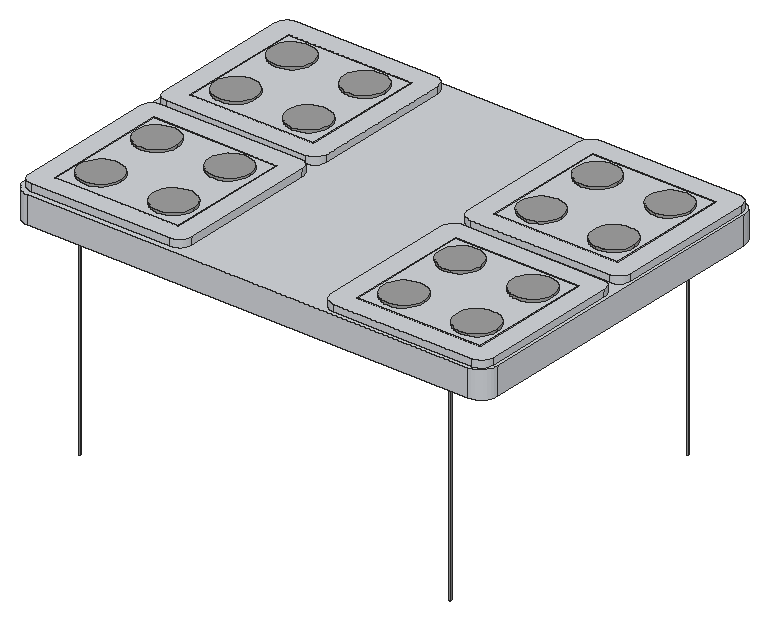
Revit family "Lighting-Industrial-GEWISS-SMART[4]HE_HIGHBAYS-LED_4M_DALI", category Apparecchi per illuminazione, Revit 2019
Family settings
  Quota connettore circolare = Usa diametro
  Tipo di parte = Normale
  Numero OmniClass = 23.80.70.00
  Titolo OmniClass = Lighting
  Basato su piano di lavoro = Sì
  Sempre verticale = No
  Taglio con vuoti quando caricato = No
  Sorgente d'illuminazione = No
  Condiviso = No
  Punto di calcolo locali = No
Parameters (values of type "GWS4423AQ857 - SMART4HB 4M C.PAS.DALI ELL.57K")
  Wiring = "With GW connect watertight connector"
  Weight (kg): = "13,5"
  Warranty = "5 years"
  Voltaggio = 230 V
  Version file RFA = "20.11"
  Unique digital code (Datamatrix) = "Datamatrix"
  Unified Glare Rating = "-"
  URL = "https://www.gewiss.com/ww/en"
  Type of light source = "LED - Not replaceable"
  Tilt- = "With bracket accessory"
  Technical sheet = "https://www.gewiss.com/ww/en/search?q=GWS4423AQ857"
  System power = "189W"
  Supply voltage = "220 - 240 V"
  Stocking temperature = "-40 +70 °C"
  Standards and approvals = "-"
  Standard- = "EN 60598-1 ; EN 60598-2-1 ; EN 60598-2-24"
  Standard Deviation Colour Matching = "SDCM = 3"
  Spostamento_y_etichetta [instance] = 0 mm
  Spostamento_y_effettivo_etichetta [instance] = 1500 mm - Spostamento_y_etichetta  # 1500 mm
  Spostamento_x_etichetta [instance] = 0 mm
  Spostamento_x_effettivo_etichetta [instance] = 1500 mm - Spostamento_x_etichetta  # 1500 mm
  Shock resistance = "IK08"
  Shield type = "Tempered glass Thickness 4mm"
  SEO = "High bay"
  Realized by GEWISS S.p.A. = ""
  Rated frequency (Hz) = "50/60 Hz"
  Produttore = "GEWISS S.p.A."
  Photobiological Risk Class = "RG0"
  Overvoltage protection = "DM 6 kV / CM 10 kV"
  Optic and illuminating features = "-"
  Optic Maintenance = "Non-replaceable"
  Optic : = "Metallic PC reflector and PMMA lenses"
  Optic = "Elliptical"
  Operating temperature : = "-30°C ÷ +50 °C"
  Offset etichetta W [instance] = 150 mm
  Mouting and installation = "Ceiling - Wallmounting - Suspension"
  Modello = "GWS4423AQ857"
  Maximum surface exposed to the wind : = "0,350 m²"
  Materials = "-"
  Luminaire = "LED Industrial Reflector "
  Lumen output (lm) = "25100"
  Locking Hook = "-"
  Lifetime = "L90B10 (Tq+25°C) = 100.000 h - L90B10 (Tq+50°C) = 50.000 h"
  Lampada = "LED"
  LED Maintenance = "Non-replaceable"
  Insulation class = "I"
  Installationa and maintenance = "-"
  Immagine tipo = GWL1371.jpg
  IPEA = "-"
  IP degree = "IP66"
  IFC.TypeObject = ""
  IFC.ExportType = ""
  IFC.ExportAs = ""
  IDT = "a901a3df6c4a4f48b998655520b49dfe"
  IDF = "e25057db-a1e9-4001-a043-8b346469e2a9"
  Glow Wire Test : = "850 °C"
  General information = "-"
  Gasket = "anti-aging silicone"
  Fixing = "-"
  External screw = "Stainless steel"
  Etichetta wattaggio [instance] = yes
  Spessore plafoniera = 40 mm  # constant formula
  Default Elevation = 1219.2 mm
  Proiettsmart4_simb [instance] = yes
  Plafoniera_bidimensionale [instance] = not(Proiettsmart4_simb)  # no
  Eletrical and lighting features = "-"
  Electrocod = "2444"
  Efficiency (lm/W) = "133"
  Driver Box = "Built-in"
  Driver = "Included"
  Device with reduced surface temperature = "Yes"
  Descrizione = "SMART[4]HB 4M C.PAS.DALI ELL.57K"
  DIN 18032-3 certification = "With Bracket - Rope Kit + terminal&nbsp;(in approval)"
  Control System : = "DALI"
  Control System = "1 x DALI DT6"
  Context = "Lighting for industries and large sports facilities"
  Commenti sul wattaggio = "194W"
  Colour temperature = "5700K"
  Colour : = "Grey RAL 7035"
  Colour = "Grey RAL 7035"
  Color Rendering Index = "CRI-80"
  Classificazione = Lighting
  Classification: = "-"
  Catalogue = "LIGHTING"
  Carico apparente = 194 VA
  Lunghezza = 700 mm  # constant formula
  Larghezza = 504 mm  # constant formula
  Distanza_tot_plafoniera [instance] = 300 mm
  Distanza Sorg_Lum = 21.458 mm
  COBie.Tagnumber = ""
  COBie.CreatedOn = ""
  COBie.CreatebBy = ""
  COBie.ComponentRegisterItemID = ""
  COBie.Component.TagNumber = ""
  COBie.Component.Space = ""
  COBie.Component.SerialNumber = ""
  COBie.Component.InstallationDate = ""
  COBie.Component.Description = ""
  COBie.Component.BarCode = ""
  Body = "PA6 \"Halogen Free\" loaded fibreglass"
  Application = "Internal"
Types (36, lengths in mm): name | Unified Glare Rating | Technical sheet | SEO | Optic : | Optic | Modello | Lumen output (lm) | IDT | Efficiency (lm/W) | Descrizione | Colour temperature
  GWS4421AA830 - SMART4HB 4M ST.AL.DALI ARR.30K | "UGR - 25" | "https://www.gewiss.com/ww/en/search?q=GWS4421AA830" | "" | "Metallized polycarbonate reflector" | "Array" | "GWS4421AA830" | "26700" | "5c6ac801e4314d2d87bb32344bb936b5" | "141" | "SMART[4]HB 4M ST.AL.DALI ARR.30K" | "3000K"
  GWS4421AA840 - SMART4HB 4M ST.AL.DALI ARR.40K | "UGR - 25" | "https://www.gewiss.com/ww/en/search?q=GWS4421AA840" | "" | "Metallized polycarbonate reflector" | "Array" | "GWS4421AA840" | "28000" | "566d685c94ee41f982ee1a86fad20bf9" | "148" | "SMART[4]HB 4M ST.AL.DALI ARR.40K" | "4000K"
  GWS4421AA857 - SMART4HB 4M ST.AL.DALI ARR.57K | "UGR - 25" | "https://www.gewiss.com/ww/en/search?q=GWS4421AA857" | "" | "Metallized polycarbonate reflector" | "Array" | "GWS4421AA857" | "28000" | "f068347c78c64f38b35a76a95ca626a0" | "148" | "SMART[4]HB 4M ST.AL.DALI ARR.57K" | "5700K"
  GWS4421AC830 - SMART4HB 4M ST.AL.DALI ASI.30K | "-" | "https://www.gewiss.com/ww/en/search?q=GWS4421AC830" | "High bay" | "Metallic PC reflector and PMMA lenses" | "Asymmetrical" | "GWS4421AC830" | "23900" | "90a07f7d9a5f463594086a9afb64cc77" | "126" | "SMART[4]HB 4M ST.AL.DALI ASI.30K" | "3000K"
  GWS4421AC840 - SMART4HB 4M ST.AL.DALI ASI.40K | "-" | "https://www.gewiss.com/ww/en/search?q=GWS4421AC840" | "High bay" | "Metallic PC reflector and PMMA lenses" | "Asymmetrical" | "GWS4421AC840" | "25100" | "f00aa06f4c1740c99a3ac02e964546b2" | "133" | "SMART[4]HB 4M ST.AL.DALI ASI.40K" | "4000K"
  GWS4421AC857 - SMART4HB 4M ST.AL.DALI ASI.57K | "-" | "https://www.gewiss.com/ww/en/search?q=GWS4421AC857" | "High bay" | "Metallic PC reflector and PMMA lenses" | "Asymmetrical" | "GWS4421AC857" | "25100" | "5ab9f7a7822e4cddade8824e428cadeb" | "133" | "SMART[4]HB 4M ST.AL.DALI ASI.57K" | "5700K"
  GWS4421AF830 - SMART4HB 4M ST.AL.DALI 30° 30K | "UGR - 19" | "https://www.gewiss.com/ww/en/search?q=GWS4421AF830" | "" | "Metallic PC reflector and PMMA lenses" | "30°" | "GWS4421AF830" | "26400" | "70552156a2fb41ecb6be687fb4c91c5e" | "140" | "SMART[4]HB 4M ST.AL.DALI 30° 30K" | "3000K"
  GWS4421AF840 - SMART4HB 4M ST.AL.DALI 30° 40K | "UGR - 19" | "https://www.gewiss.com/ww/en/search?q=GWS4421AF840" | "" | "Metallic PC reflector and PMMA lenses" | "30°" | "GWS4421AF840" | "27700" | "6d69cfa17c544f52b55d7719815dbec1" | "147" | "SMART[4]HB 4M ST.AL.DALI 30° 40K" | "4000K"
  GWS4421AF857 - SMART4HB 4M ST.AL.DALI 30° 57K | "UGR - 19" | "https://www.gewiss.com/ww/en/search?q=GWS4421AF857" | "" | "Metallic PC reflector and PMMA lenses" | "30°" | "GWS4421AF857" | "27700" | "01dd56300fa54964bfd10e029400f23b" | "147" | "SMART[4]HB 4M ST.AL.DALI 30° 57K" | "5700K"
  GWS4421AH830 - SMART4HB 4M ST.AL.DALI 60° 30K | "UGR - 19" | "https://www.gewiss.com/ww/en/search?q=GWS4421AH830" | "" | "Metallic PC reflector and PMMA lenses" | "60°" | "GWS4421AH830" | "26800" | "6918dc99910c45208a1cead40b210aa6" | "142" | "SMART[4]HB 4M ST.AL.DALI 60° 30K" | "3000K"
  GWS4421AH840 - SMART4HB 4M ST.AL.DALI 60° 40K | "UGR - 19" | "https://www.gewiss.com/ww/en/search?q=GWS4421AH840" | "" | "Metallic PC reflector and PMMA lenses" | "60°" | "GWS4421AH840" | "28100" | "c46c55da2e7c401580aacc0ec8c700ac" | "149" | "SMART[4]HB 4M ST.AL.DALI 60° 40K" | "4000K"
  GWS4421AH857 - SMART4HB 4M ST.AL.DALI 60° 57K | "UGR - 19" | "https://www.gewiss.com/ww/en/search?q=GWS4421AH857" | "" | "Metallic PC reflector and PMMA lenses" | "60°" | "GWS4421AH857" | "28100" | "382f5edfbc6a4d2ea175d9e7d5ad1919" | "149" | "SMART[4]HB 4M ST.AL.DALI 60° 57K" | "5700K"
  GWS4421AP830 - SMART4HB 4M ST.AL.DALI 90° 30K | "UGR - 22" | "https://www.gewiss.com/ww/en/search?q=GWS4421AP830" | "" | "Metallic PC reflector and PMMA lenses" | "90°" | "GWS4421AP830" | "27000" | "e3c215b605394f86a154b0f20a53acc3" | "143" | "SMART[4]HB 4M ST.AL.DALI 90° 30K" | "3000K"
  GWS4421AP840 - SMART4HB 4M ST.AL.DALI 90° 40K | "UGR - 22" | "https://www.gewiss.com/ww/en/search?q=GWS4421AP840" | "" | "Metallic PC reflector and PMMA lenses" | "90°" | "GWS4421AP840" | "28300" | "2403b28063c14de29e8379ad586fb901" | "150" | "SMART[4]HB 4M ST.AL.DALI 90° 40K" | "4000K"
  GWS4421AP857 - SMART4HB 4M ST.AL.DALI 90° 57K | "UGR - 22" | "https://www.gewiss.com/ww/en/search?q=GWS4421AP857" | "" | "Metallic PC reflector and PMMA lenses" | "90°" | "GWS4421AP857" | "28300" | "aba6bb16347b4967a09046dc5c2d209f" | "150" | "SMART[4]HB 4M ST.AL.DALI 90° 57K" | "5700K"
  GWS4421AQ830 - SMART4HB 4M ST.AL.DALI ELL.30K | "-" | "https://www.gewiss.com/ww/en/search?q=GWS4421AQ830" | "High bay" | "Metallic PC reflector and PMMA lenses" | "Elliptical" | "GWS4421AQ830" | "23900" | "3c588390d9a244caa3f2942bc8b389ee" | "126" | "SMART[4]HB 4M ST.AL.DALI ELL.30K" | "3000K"
  GWS4421AQ840 - SMART4HB 4M ST.AL.DALI ELL.40K | "-" | "https://www.gewiss.com/ww/en/search?q=GWS4421AQ840" | "High bay" | "Metallic PC reflector and PMMA lenses" | "Elliptical" | "GWS4421AQ840" | "25100" | "69f3c01fa4f94255adf07798c4fbc206" | "133" | "SMART[4]HB 4M ST.AL.DALI ELL.40K" | "4000K"
  GWS4421AQ857 - SMART4HB 4M ST.AL.DALI ELL.57K | "-" | "https://www.gewiss.com/ww/en/search?q=GWS4421AQ857" | "High bay" | "Metallic PC reflector and PMMA lenses" | "Elliptical" | "GWS4421AQ857" | "25100" | "e517090f74544b6081528aa6823972f8" | "133" | "SMART[4]HB 4M ST.AL.DALI ELL.57K" | "5700K"
  GWS4423AA830 - SMART4HB 4M C.PAS.DALI ARR.30K | "UGR - 25" | "https://www.gewiss.com/ww/en/search?q=GWS4423AA830" | "" | "Metallized polycarbonate reflector" | "Array" | "GWS4423AA830" | "26700" | "67d07da3cd0e4e80994e4571fac127b9" | "141" | "SMART[4]HB 4M C.PAS.DALI ARR.30K" | "3000K"
  GWS4423AA840 - SMART4HB 4M C.PAS.DALI ARR.40K | "UGR - 25" | "https://www.gewiss.com/ww/en/search?q=GWS4423AA840" | "" | "Metallized polycarbonate reflector" | "Array" | "GWS4423AA840" | "28000" | "b5a1cb2c2687451bb6c5bb6bbf80a5c1" | "148" | "SMART[4]HB 4M C.PAS.DALI ARR.40K" | "4000K"
  GWS4423AA857 - SMART4HB 4M C.PAS.DALI ARR.57K | "UGR - 25" | "https://www.gewiss.com/ww/en/search?q=GWS4423AA857" | "" | "Metallized polycarbonate reflector" | "Array" | "GWS4423AA857" | "28000" | "b2924069e35e4267b12e9107f48e70ff" | "148" | "SMART[4]HB 4M C.PAS.DALI ARR.57K" | "5700K"
  GWS4423AC830 - SMART4HB 4M C.PAS.DALI ASI.30K | "-" | "https://www.gewiss.com/ww/en/search?q=GWS4423AC830" | "High bay" | "Metallic PC reflector and PMMA lenses" | "Asymmetrical" | "GWS4423AC830" | "23900" | "87e7caad6b534d57820d4cc3263a9d57" | "126" | "SMART[4]HB 4M C.PAS.DALI ASI.30K" | "3000K"
  GWS4423AC840 - SMART4HB 4M C.PAS.DALI ASI.40K | "-" | "https://www.gewiss.com/ww/en/search?q=GWS4423AC840" | "High bay" | "Metallic PC reflector and PMMA lenses" | "Asymmetrical" | "GWS4423AC840" | "25100" | "0de8722eb8df4029869c17b12a371d33" | "133" | "SMART[4]HB 4M C.PAS.DALI ASI.40K" | "4000K"
  GWS4423AC857 - SMART4HB 4M C.PAS.DALI ASI.57K | "-" | "https://www.gewiss.com/ww/en/search?q=GWS4423AC857" | "High bay" | "Metallic PC reflector and PMMA lenses" | "Asymmetrical" | "GWS4423AC857" | "25100" | "8d4fcf28af3942d8be3789358b29e602" | "133" | "SMART[4]HB 4M C.PAS.DALI ASI.57K" | "5700K"
  GWS4423AF830 - SMART4HB 4M C.PAS.DALI 30° 30K | "UGR - 19" | "https://www.gewiss.com/ww/en/search?q=GWS4423AF830" | "" | "Metallic PC reflector and PMMA lenses" | "30°" | "GWS4423AF830" | "26400" | "a10a38d19e2b446a82ca951a0f45aae4" | "140" | "SMART[4]HB 4M C.PAS.DALI 30° 30K" | "3000K"
  GWS4423AF840 - SMART4HB 4M C.PAS.DALI 30° 40K | "UGR - 19" | "https://www.gewiss.com/ww/en/search?q=GWS4423AF840" | "" | "Metallic PC reflector and PMMA lenses" | "30°" | "GWS4423AF840" | "27700" | "1b08e4f3b94b4ec1a7c46b20d9486d66" | "147" | "SMART[4]HB 4M C.PAS.DALI 30° 40K" | "4000K"
  GWS4423AF857 - SMART4HB 4M C.PAS.DALI 30° 57K | "UGR - 19" | "https://www.gewiss.com/ww/en/search?q=GWS4423AF857" | "" | "Metallic PC reflector and PMMA lenses" | "30°" | "GWS4423AF857" | "27700" | "50ffa65cb76a4b7a920cb943c781d509" | "147" | "SMART[4]HB 4M C.PAS.DALI 30° 57K" | "5700K"
  GWS4423AH830 - SMART4HB 4M C.PAS.DALI 60° 30K | "UGR - 19" | "https://www.gewiss.com/ww/en/search?q=GWS4423AH830" | "" | "Metallic PC reflector and PMMA lenses" | "60°" | "GWS4423AH830" | "26800" | "29618502ed654d12bc717609b9d3b962" | "142" | "SMART[4]HB 4M C.PAS.DALI 60° 30K" | "3000K"
  GWS4423AH840 - SMART4HB 4M C.PAS.DALI 60° 40K | "UGR - 19" | "https://www.gewiss.com/ww/en/search?q=GWS4423AH840" | "" | "Metallic PC reflector and PMMA lenses" | "60°" | "GWS4423AH840" | "28100" | "650a3e011f374b249febb684c8b8b291" | "149" | "SMART[4]HB 4M C.PAS.DALI 60° 40K" | "4000K"
  GWS4423AH857 - SMART4HB 4M C.PAS.DALI 60° 57K | "UGR - 19" | "https://www.gewiss.com/ww/en/search?q=GWS4423AH857" | "" | "Metallic PC reflector and PMMA lenses" | "60°" | "GWS4423AH857" | "28100" | "e6e22e0db355445f957f4e98b6bb2bde" | "149" | "SMART[4]HB 4M C.PAS.DALI 60° 57K" | "5700K"
  GWS4423AP830 - SMART4HB 4M C.PAS.DALI 90° 30K | "UGR - 22" | "https://www.gewiss.com/ww/en/search?q=GWS4423AP830" | "" | "Metallic PC reflector and PMMA lenses" | "90°" | "GWS4423AP830" | "27000" | "9c7153243a5f4d468a5243819ee58f52" | "143" | "SMART[4]HB 4M C.PAS.DALI 90° 30K" | "3000K"
  GWS4423AP840 - SMART4HB 4M C.PAS.DALI 90° 40K | "UGR - 22" | "https://www.gewiss.com/ww/en/search?q=GWS4423AP840" | "" | "Metallic PC reflector and PMMA lenses" | "90°" | "GWS4423AP840" | "28300" | "fe54f268814b4e5b9736c49980309e97" | "150" | "SMART[4]HB 4M C.PAS.DALI 90° 40K" | "4000K"
  GWS4423AP857 - SMART4HB 4M C.PAS.DALI 90° 57K | "UGR - 22" | "https://www.gewiss.com/ww/en/search?q=GWS4423AP857" | "" | "Metallic PC reflector and PMMA lenses" | "90°" | "GWS4423AP857" | "28300" | "ce82fdc10a914e64a8774922404d38ad" | "150" | "SMART[4]HB 4M C.PAS.DALI 90° 57K" | "5700K"
  GWS4423AQ830 - SMART4HB 4M C.PAS.DALI ELL.30K | "-" | "https://www.gewiss.com/ww/en/search?q=GWS4423AQ830" | "High bay" | "Metallic PC reflector and PMMA lenses" | "Elliptical" | "GWS4423AQ830" | "23900" | "ea0690fa382c451b904a788c6a005684" | "126" | "SMART[4]HB 4M C.PAS.DALI ELL.30K" | "3000K"
  GWS4423AQ840 - SMART4HB 4M C.PAS.DALI ELL.40K | "-" | "https://www.gewiss.com/ww/en/search?q=GWS4423AQ840" | "High bay" | "Metallic PC reflector and PMMA lenses" | "Elliptical" | "GWS4423AQ840" | "25100" | "b7cbc50f20f74c339fe759140e5ddea9" | "133" | "SMART[4]HB 4M C.PAS.DALI ELL.40K" | "4000K"
  GWS4423AQ857 - SMART4HB 4M C.PAS.DALI ELL.57K | "-" | "https://www.gewiss.com/ww/en/search?q=GWS4423AQ857" | "High bay" | "Metallic PC reflector and PMMA lenses" | "Elliptical" | "GWS4423AQ857" | "25100" | "a901a3df6c4a4f48b998655520b49dfe" | "133" | "SMART[4]HB 4M C.PAS.DALI ELL.57K" | "5700K"
Reference planes
  plane 1 "Asse sorgente illuminazione (F/B)": y = 0
  plane 2 "2": z = 0
  plane 3 "Asse sorgente illuminazione (L/R)": x = 0
  plane 4 "Prospetto sorgente di illuminazione": z = 1500
  plane 5: x = -350
  plane 6: y = 252
  plane 7: x = 350
  plane 8: y = -252
  plane 9: x = 345
  plane 10: x = -345
  plane 11: x = -104.5
  plane 12: x = 104.5
  plane 13: y = 0
  plane 14: y = -1500
  plane 15: z = 300
  plane 16: z = 340
  plane 17: z = 350
  plane 18: x = -1500
  plane 19: x = 0
  plane 20: y = 0
Dimensions and locks
  equal spacing: plane 6, plane 1 "Asse sorgente illuminazione (F/B)", plane 8
  "Larghezza": plane 6 to plane 8
  equal spacing: plane 5, plane 3 "Asse sorgente illuminazione (L/R)", plane 7
  "Lunghezza": plane 5 to plane 7
  locked: plane 5 to plane 10 at 5
  locked: plane 9 to plane 7 at 5
  locked: plane 16 to plane 15 at 40
  plane 17 to plane 16 = 10 mm
  "Distanza_tot_plafoniera": plane 15 to plane 2 "2"
  plane 18 to plane 3 "Asse sorgente illuminazione (L/R)" = 1500 mm
  plane 1 "Asse sorgente illuminazione (F/B)" to plane 14 = 1500 mm
  "Spostamento_y_effettivo_etichetta": plane 20 to plane 14
  "Spostamento_x_effettivo_etichetta": plane 18 to plane 19
  aligned and locked: level to plane 2 "2"
  aligned and locked: plane 5 to nested 1
  aligned and locked: plane 6 to nested 1
  aligned and locked: plane 9 to nested 2  (x2)
  aligned and locked: plane 10 to nested 12
  aligned and locked: nested 1 to plane 15
  aligned and locked: nested 17 to plane 16
  aligned and locked: plane 16 to nested 12
  aligned and locked: plane 16 to nested 7
  aligned and locked: nested 2 to plane 16
  aligned and locked: plane 17 to nested 19
  aligned and locked: nested 21 to plane 17
  aligned and locked: plane 17 to nested 16
  aligned and locked: nested 14 to plane 17
  aligned and locked: plane 17 to nested 18
  aligned and locked: nested 20 to plane 17
  aligned and locked: plane 17 to nested 15
  aligned and locked: nested 13 to plane 17
  aligned and locked: nested 8 to plane 17
  aligned and locked: plane 17 to nested 10
  aligned and locked: nested 5 to plane 17
  aligned and locked: plane 17 to nested 3
  aligned and locked: nested 9 to plane 17
  aligned and locked: plane 17 to nested 11
  aligned and locked: nested 6 to plane 17
  aligned and locked: plane 17 to nested 4
  aligned and locked: nested 22 to plane 2 "2"
  aligned and locked: nested 23 to plane 2 "2"
  aligned and locked: nested 24 to plane 2 "2"
  aligned and locked: nested 25 to plane 2 "2"
  aligned and locked: nested 28 to plane 20
  aligned and locked: nested 28 to plane 19
Nested families
  nested 1: "Struttura_SMART 4" at (0, 0, 340), type "SMART 4 HB - 4 x 4L"
  nested 2: "mascherina_SMART (4)" at (225, 127, 350), type "Maschera_smart (4) 4L", detail levels fine
  nested 3: "Gewis - Led" at (172.217, 179, 353), type "Gewis - Led", detail levels medium+fine
  nested 4: "Gewis - Led" at (280, 179, 353), type "Gewis - Led", detail levels medium+fine
  nested 5: "Gewis - Led" at (172.217, 75, 353), type "Gewis - Led", detail levels medium+fine
  nested 6: "Gewis - Led" at (280, 75, 353), type "Gewis - Led", detail levels medium+fine
  nested 7: "mascherina_SMART (4)" at (225, -127, 350), type "Maschera_smart (4) 4L", detail levels fine
  nested 8: "Gewis - Led" at (172.217, -179, 353), type "Gewis - Led", detail levels medium+fine
  nested 9: "Gewis - Led" at (280, -179, 353), type "Gewis - Led", detail levels medium+fine
  nested 10: "Gewis - Led" at (172.217, -75, 353), type "Gewis - Led", detail levels medium+fine
  nested 11: "Gewis - Led" at (280, -75, 353), type "Gewis - Led", detail levels medium+fine
  nested 12: "mascherina_SMART (4)" at (-225, 127, 350) x (-1, 0, 0) z (0, 0, 1), type "Maschera_smart (4) 4L", detail levels fine
  nested 13: "Gewis - Led" at (-172.217, 179, 353) x (-1, 0, 0) z (0, 0, 1), type "Gewis - Led", detail levels medium+fine
  nested 14: "Gewis - Led" at (-280, 179, 353) x (-1, 0, 0) z (0, 0, 1), type "Gewis - Led", detail levels medium+fine
  nested 15: "Gewis - Led" at (-172.217, 75, 353) x (-1, 0, 0) z (0, 0, 1), type "Gewis - Led", detail levels medium+fine
  nested 16: "Gewis - Led" at (-280, 75, 353) x (-1, 0, 0) z (0, 0, 1), type "Gewis - Led", detail levels medium+fine
  nested 17: "mascherina_SMART (4)" at (-225, -123, 350) x (-1, 0, 0) z (0, 0, 1), type "Maschera_smart (4) 4L", detail levels fine
  nested 18: "Gewis - Led" at (-172.217, -175, 353) x (-1, 0, 0) z (0, 0, 1), type "Gewis - Led", detail levels medium+fine
  nested 19: "Gewis - Led" at (-280, -175, 353) x (-1, 0, 0) z (0, 0, 1), type "Gewis - Led", detail levels medium+fine
  nested 20: "Gewis - Led" at (-172.217, -71, 353) x (-1, 0, 0) z (0, 0, 1), type "Gewis - Led", detail levels medium+fine
  nested 21: "Gewis - Led" at (-280, -71, 353) x (-1, 0, 0) z (0, 0, 1), type "Gewis - Led", detail levels medium+fine
  nested 22: "Sospensione_ SMART LAB 4" at (274.338, -220.687, 0), Altezza sospensione <- "Distanza_tot_plafoniera", type "Sospensione_ SMART LAB 4"
    with Altezza sospensione 300 mm
  nested 23: "Sospensione_ SMART LAB 4" at (274.338, 219.313, 0), Altezza sospensione <- "Distanza_tot_plafoniera", type "Sospensione_ SMART LAB 4"
    with Altezza sospensione 300 mm
  nested 24: "Sospensione_ SMART LAB 4" at (-274.338, -220.687, 0), Altezza sospensione <- "Distanza_tot_plafoniera", type "Sospensione_ SMART LAB 4"
    with Altezza sospensione 300 mm
  nested 25: "Sospensione_ SMART LAB 4" at (-274.338, 219.313, 0), Altezza sospensione <- "Distanza_tot_plafoniera", type "Sospensione_ SMART LAB 4"
    with Altezza sospensione 300 mm
  nested 26: "Rappr_ bidimensionale" at (0, 0, 0), visible <- "Plafoniera_bidimensionale", type "4 X4 LED"
  nested 27: "PROIETTSMART - 4" at (0, 0, 0), visible <- "Proiettsmart4_simb", type "PROIETTSMART - 4"
  nested 28: "ETICHETTA LIGHT" at (0, 0, 0), type "ETICHETTA LIGHT"
Connectors
  electrical at (0.009, -0.098, 300), driven by "Classificazione", driven by "Carico apparente"
    settings: on nested 1, index 1, voltage 230 V, apparent load 0 VA, apparent load phase1 194 VA, apparent load phase2 0 VA, apparent load phase3 0 VA, power factor 1, load classification "Lighting", number of poles 2, system type 31, power factor state 1, is connector primary yes, connector utility no, sub classification motor no, connector description ""
Definition of nested family "Struttura_SMART 4"
  Parameters (values of type "SMART 4 HB - 4 x 4L")
    Struttura plafoniera = none
    Spessore_plafoniera = 40 mm
    Lunghezza = 700 mm
    Larghezza = 504 mm
  Types (2, lengths in mm): name | Lunghezza | Larghezza
    SMART 4 HB - 4+4L | 699 | 254
    SMART 4 HB - 4 x 4L | 700 | 504
  Reference planes
    plane 1 "Asse sorgente illuminazione (F/B)": y = 0
    plane 2: z = 0
    plane 3 "Asse sorgente illuminazione (L/R)": x = 0
    plane 4 "Prospetto sorgente di illuminazione": z = -40
    plane 5 "SX": x = -350
    plane 6 "DX": x = 350
    plane 7 "DIETRO": y = 252
    plane 8 "AVANTI": y = -252
    plane 9: x = 107
    plane 10: x = 339
    plane 11: y = -241
    plane 12: y = 241
    plane 13: x = -339
    plane 14: x = -107
  Forms (mm)
    Extrusion 1, solid, material <- "Struttura plafoniera"
      sketch origin (0, 0, 0) x (1, 0, 0) y (0, 1, 0)
        loop
          line (350, -227.595) -> (350, 227.59)
          arc (350, 227.59) -> (342.85, 244.85) -> (325.59, 252) r 24.41
          line (325.59, 252) -> (-325.509, 252)
          arc (-325.509, 252) -> (-343.054, 244.6) -> (-350, 226.871) r 24.499
          line (-350, 226.871) -> (-350, -227.592)
          arc (-350, -227.592) -> (-342.851, -244.851) -> (-325.592, -252) r 24.408
          line (-325.592, -252) -> (325.617, -252)
          arc (325.617, -252) -> (342.834, -244.868) -> (349.965, -227.652) r 24.348
      from -40 to 0
  Dimensions and locks
    equal spacing: plane 5 "SX", plane 3 "Asse sorgente illuminazione (L/R)", plane 6 "DX"
    equal spacing: plane 7 "DIETRO", plane 1 "Asse sorgente illuminazione (F/B)", plane 8 "AVANTI"
    "Lunghezza": plane 5 "SX" to plane 6 "DX"
    "Larghezza": plane 7 "DIETRO" to plane 8 "AVANTI"
    locked: plane 7 "DIETRO" to plane 12 at 11
    locked: plane 11 to plane 8 "AVANTI" at 11
    locked: plane 10 to plane 6 "DX" at 11
    locked: plane 9 to plane 10 at 232
    plane 13 to plane 14 = 232 mm
    locked: plane 5 "SX" to plane 13 at 11
    "Spessore_plafoniera": plane 2 to plane 4 "Prospetto sorgente di illuminazione"
    aligned and locked: level to plane 2
    aligned and locked: Extrusion 1 to plane 5 "SX"
    aligned and locked: Extrusion 1 to plane 8 "AVANTI"  (x2)
    aligned and locked: plane 7 "DIETRO" to Extrusion 1
    aligned and locked: plane 6 "DX" to Extrusion 1
    aligned and locked: plane 4 "Prospetto sorgente di illuminazione" to Extrusion 1
    aligned and locked: plane 2 to Extrusion 1
  Automatic sketch dimensions
    Extrusion 1 sketch curve to plane 5 "SX" = 0 mm
    Extrusion 1 sketch curve to plane 8 "AVANTI" = 0 mm
    Extrusion 1 sketch curve to plane 7 "DIETRO" = 0 mm
    Extrusion 1 sketch curve to plane 6 "DX" = 0 mm
    plane 13 to Extrusion 1 sketch curve = 13.408 mm
    plane 13 to Extrusion 1 sketch curve = 13.491 mm
    Extrusion 1 sketch curve to plane 10 = 13.41 mm
    Extrusion 1 sketch curve to plane 10 = 13.383 mm
    plane 11 to Extrusion 1 sketch curve = 13.348 mm
    Extrusion 1 sketch curve to plane 12 = 14.129 mm
    Extrusion 1 sketch curve to Extrusion 1 sketch curve = 0.056 mm
Definition of nested family "mascherina_SMART (4)"
  Parameters (values of type "Maschera_smart (4) 4L")
    Spessore_mascherina = 10 mm
    Default Elevation = 1219.2 mm
    N.intarsi = (Lunghezza_mascherina - (Bordo * 2)) / 15 mm  # 12
    N._intarsi verticale = (Larghezza_mascherina - (Bordo * 2)) / 17 mm  # 11
    Mascherina = none
    Lunghezza_mascherina = 240 mm
    Larghezza_mascherina = 240 mm
    Distanza_intarsi v. = 41 mm  # constant formula
    Distanza_intarsi = 37 mm  # constant formula
    Bordo = 29 mm
  Reference planes
    plane 1 "Centro (Fronte/Retro)": y = 0
    plane 2: z = 0
    plane 3 "Centro (Sinistra/Destra)": x = 0
    plane 4: x = -120
    plane 5 "Dietro": y = 120
    plane 6: x = 120
    plane 7: y = -120
    plane 8: x = -91
    plane 9: y = -91
    plane 10: x = 91
    plane 11: y = 91
    plane 12: x = -83
    plane 13: y = 94.742
    plane 14: y = -95
    plane 15: z = -10
    plane 16: x = -95
    plane 17: y = 79
    plane 18: y = -79
    plane 19: x = 95
    plane 20: z = -4.799
  Forms (mm)
    Extrusion 1, solid, material <- "Mascherina"
      sketch origin (0, 0, 0) x (1, 0, 0) y (0, 1, 0)
        loop
          arc (-102.5, 120) -> (-114.874, 114.874) -> (-120, 102.5) r 17.5
          line (-120, 102.5) -> (-120, -102.5)
          arc (-120, -102.5) -> (-114.874, -114.874) -> (-102.5, -120) r 17.5
          line (-102.5, -120) -> (102.5, -120)
          arc (102.5, -120) -> (114.874, -114.874) -> (120, -102.5) r 17.5
          line (120, -102.5) -> (120, 102.5)
          arc (120, 102.5) -> (114.874, 114.874) -> (102.5, 120) r 17.5
          line (102.5, 120) -> (-102.5, 120)
        loop
          line (-91, 91) -> (-91, -91) -> (91, -91) -> (91, 91) -> (-91, 91)
      from -10 to 0
    Extrusion 2, solid, material <- "Mascherina"
      sketch origin (0, 0, 0) x (1, 0, 0) y (0, 1, 0)
        loop
          line (-91, 91) -> (-91, -91) -> (91, -91) -> (91, 91) -> (-91, 91)
      from -4.799 to 0
  Dimensions and locks
    equal spacing: plane 4, plane 3 "Centro (Sinistra/Destra)", plane 6
    "Lunghezza_mascherina": plane 4 to plane 6
    equal spacing: plane 5 "Dietro", plane 1 "Centro (Fronte/Retro)", plane 7
    "Larghezza_mascherina": plane 5 "Dietro" to plane 7
    "Bordo": plane 4 to plane 8
    "Bordo": plane 9 to plane 7
    "Bordo": plane 5 "Dietro" to plane 11
    "Bordo": plane 10 to plane 6
    "Distanza_intarsi": plane 4 to plane 12
    locked: plane 13 to plane 11 at 3.742
    "Spessore_mascherina": plane 2 to plane 15
    "Distanza_intarsi v.": plane 5 "Dietro" to plane 17
    "Distanza_intarsi v.": plane 18 to plane 7
    locked: plane 9 to plane 14 at 4
    locked: plane 16 to plane 8 at 4
    locked: plane 10 to plane 19 at 4
    locked: plane 2 to plane 20 at 4.799
    radius of Extrusion 1 sketch curve = 17.5 mm  (x4)
    aligned and locked: level to plane 2
    aligned and locked: plane 4 to Extrusion 1 sketch curve
    aligned and locked: plane 6 to Extrusion 1 sketch curve
    aligned and locked: Extrusion 1 sketch curve to plane 5 "Dietro"
    aligned and locked: Extrusion 1 sketch curve to plane 7
    aligned and locked: Extrusion 1 sketch curve to plane 11
    aligned and locked: plane 8 to Extrusion 1 sketch curve
    aligned and locked: plane 9 to Extrusion 1 sketch curve
    aligned and locked: Extrusion 1 sketch curve to plane 10
    aligned and locked: plane 2 to Extrusion 1
    aligned and locked: Extrusion 1 to plane 15
    aligned and locked: Extrusion 2 sketch curve to plane 10
    aligned and locked: plane 9 to Extrusion 2 sketch curve
    aligned and locked: plane 8 to Extrusion 2 sketch curve
    aligned and locked: Extrusion 2 sketch curve to plane 11
    aligned and locked: plane 2 to Extrusion 2
    aligned and locked: Extrusion 2 to plane 20
Definition of nested family "Gewis - Led"
  Parameters (values of type "Gewis - Led")
    Vetro = none
    Raggio led = 30 mm
    Default Elevation = 1219.2 mm
    Estensione vetro = 3 mm
  Reference planes
    plane 1 "Centro (Fronte/Retro)": y = 0
    plane 2: z = 0
    plane 3 "Centro (Sinistra/Destra)": x = 0
  Forms (mm)
    Extrusion 1, solid, material <- "Vetro"
      sketch origin (0, 0, 0) x (1, 0, 0) y (0, 1, 0)
        loop
          circle (0, 0) r 30
      from -3 to 0
  Dimensions and locks
    "Estensione vetro": level to Extrusion 1
    "Raggio led": radius of Extrusion 1 sketch curve
    aligned and locked: level to plane 2
    aligned and locked: level to Extrusion 1
  Automatic sketch dimensions
    plane 1 "Centro (Fronte/Retro)" to Extrusion 1 sketch curve = 0 mm
    Extrusion 1 sketch curve to plane 3 "Centro (Sinistra/Destra)" = 0 mm
Definition of nested family "Sospensione_ SMART LAB 4"
  Parameters (values of type "Sospensione_ SMART LAB 4")
    Default Elevation = 1219.2 mm
    Altezza sospensione [instance] = 500 mm
  Reference planes
    plane 1 "Center (Front/Back)": y = 0
    plane 2: z = 0
    plane 3 "Center (Left/Right)": x = 0
    plane 4: z = 500
  Forms (mm)
    Extrusion 1, solid
      sketch origin (0, 0, 0) x (1, 0, 0) y (0, 1, 0)
        loop
          circle (0, -0.028) r 1.25
      from 0 to 500
  Lines and regions (mm)
    model lines, not visible
      curve 1: line (0, 0, 0) -> (0, 0, 9.482)
  Dimensions and locks
    "Altezza sospensione": plane 4 to level
    plane 4 to plane 2 = 500 mm
    aligned and locked: level to plane 2
    aligned and locked: plane 4 to Extrusion 1
    aligned and locked: Extrusion 1 to plane 2
  Automatic sketch dimensions
    Extrusion 1 sketch curve to plane 3 "Center (Left/Right)" = 0 mm
    plane 1 "Center (Front/Back)" to Extrusion 1 sketch curve = 0.028 mm
    curve 1 to plane 3 "Center (Left/Right)" = 0 mm
    curve 1 to level = 0 mm
    curve 1 to curve 1 = 9.482 mm
    radius of Extrusion 1 sketch curve = 1.25 mm
Definition of nested family "Rappr_ bidimensionale"
  Parameters (values of type "4 X4 LED")
    5 LED = no
    4 LED = not([5 LED])  # yes
  Reference planes
    plane 1 "Centro (Fronte/Retro)": y = 0
    plane 2: z = 0
    plane 3 "Centro (Sinistra/Destra)": x = 0
  Lines and regions (mm)
    model lines, in view "Livello rif.", visible <- "4 LED"
      curve 1: circle (176.124, 171.566, 0) r 28.619 normal (0, 0, 1)
      curve 2: circle (270.124, 77.566, 0) r 28.619 normal (0, 0, 1)
      curve 3: circle (176.124, 77.566, 0) r 28.619 normal (0, 0, 1)
      curve 4: circle (270.124, 171.566, 0) r 28.619 normal (0, 0, 1)
      curve 5: circle (-175.025, 77.434, 0) r 28.619 normal (0, 0, 1)
      curve 6: circle (-269.025, 171.434, 0) r 28.619 normal (0, 0, 1)
      curve 7: circle (-175.025, 171.434, 0) r 28.619 normal (0, 0, 1)
      curve 8: circle (-269.025, 77.434, 0) r 28.619 normal (0, 0, 1)
      curve 9: circle (-175.025, -171.611, 0) r 28.619 normal (0, 0, 1)
      curve 10: circle (-269.025, -77.611, 0) r 28.619 normal (0, 0, 1)
      curve 11: circle (-175.025, -77.611, 0) r 28.619 normal (0, 0, 1)
      curve 12: circle (-269.025, -171.611, 0) r 28.619 normal (0, 0, 1)
      curve 13: circle (176.124, -77.434, 0) r 28.619 normal (0, 0, 1)
      curve 14: circle (270.124, -171.434, 0) r 28.619 normal (0, 0, 1)
      curve 15: circle (176.124, -171.434, 0) r 28.619 normal (0, 0, 1)
      curve 16: circle (270.124, -77.434, 0) r 28.619 normal (0, 0, 1)
    model lines, in view "Livello rif."
      curve 17: arc (-326.07, 251.865, 0) -> (-342.562, 245.006, 0) -> (-349.39, 228.5, 0) r 23.365
      curve 18: arc (350.489, 228.546, 0) -> (343.613, 245.054, 0) -> (327.079, 251.865, 0) r 23.365
      curve 19: arc (327.098, -251.865, 0) -> (343.653, -245.015, 0) -> (350.489, -228.454, 0) r 23.365
      curve 20: arc (-349.39, -228.5, 0) -> (-342.555, -245.013, 0) -> (-326.05, -251.865, 0) r 23.365
      curve 21: arc (-102.728, -20.5, 0) -> (-107.214, -9.678, 0) -> (-118.041, -5.203, 0) r 15.297
      curve 22: arc (-118.041, 5.203, 0) -> (-107.214, 9.678, 0) -> (-102.728, 20.5, 0) r 15.297
      curve 23: arc (-118.041, -243.797, 0) -> (-107.214, -239.322, 0) -> (-102.728, -228.5, 0) r 15.297
      curve 24: arc (327.107, 5.203, 0) -> (337.947, 9.69, 0) -> (342.421, 20.535, 0) r 15.297
      curve 25: arc (103.827, 20.465, 0) -> (108.314, 9.677, 0) -> (119.107, 5.203, 0) r 15.297
      curve 26: arc (119.089, 243.797, 0) -> (108.308, 239.316, 0) -> (103.827, 228.535, 0) r 15.297
      curve 27: arc (342.421, 228.535, 0) -> (337.916, 239.341, 0) -> (327.089, 243.797, 0) r 15.297
      curve 28: arc (-341.321, 20.535, 0) -> (-336.859, 9.702, 0) -> (-326.041, 5.203, 0) r 15.297
      curve 29: arc (-326.059, 243.797, 0) -> (-336.865, 239.292, 0) -> (-341.321, 228.465, 0) r 15.297
      curve 30: arc (-102.728, 228.5, 0) -> (-107.22, 239.329, 0) -> (-118.059, 243.797, 0) r 15.297
      curve 31: arc (342.421, -20.465, 0) -> (337.922, -9.666, 0) -> (327.107, -5.203, 0) r 15.297
      curve 32: arc (327.107, -243.797, 0) -> (337.947, -239.31, 0) -> (342.421, -228.465, 0) r 15.297
      curve 33: arc (103.827, -228.535, 0) -> (108.314, -239.323, 0) -> (119.107, -243.797, 0) r 15.297
      curve 34: arc (119.107, -5.203, 0) -> (108.314, -9.677, 0) -> (103.827, -20.465, 0) r 15.297
      curve 35: arc (-341.321, -228.465, 0) -> (-336.859, -239.298, 0) -> (-326.041, -243.797, 0) r 15.297
      curve 36: arc (-326.041, -5.203, 0) -> (-336.859, -9.702, 0) -> (-341.321, -20.535, 0) r 15.297
      curve 37: line (130.624, 32, 0) -> (130.624, 217, 0)
      curve 38: line (130.624, 217, 0) -> (315.624, 217, 0)
      curve 39: line (315.624, 217, 0) -> (315.624, 32, 0)
      curve 40: line (315.624, 32, 0) -> (130.624, 32, 0)
      curve 41: line (-129.525, 32, 0) -> (-314.525, 32, 0)
      curve 42: line (-314.525, 32, 0) -> (-314.525, 217, 0)
      curve 43: line (-314.525, 217, 0) -> (-129.525, 217, 0)
      curve 44: line (-129.525, 217, 0) -> (-129.525, 32, 0)
      curve 45: line (-129.525, -217.045, 0) -> (-314.525, -217.045, 0)
      curve 46: line (-314.525, -217.045, 0) -> (-314.525, -32.045, 0)
      curve 47: line (-314.525, -32.045, 0) -> (-129.525, -32.045, 0)
      curve 48: line (-129.525, -32.045, 0) -> (-129.525, -217.045, 0)
      curve 49: line (130.624, -217, 0) -> (130.624, -32, 0)
      curve 50: line (130.624, -32, 0) -> (315.624, -32, 0)
      curve 51: line (315.624, -32, 0) -> (315.624, -217, 0)
      curve 52: line (315.624, -217, 0) -> (130.624, -217, 0)
      curve 53: line (-349.39, 228.5, 0) -> (-349.39, -228.5, 0)
      curve 54: line (327.079, 251.865, 0) -> (-326.07, 251.865, 0)
      curve 55: line (350.489, -228.454, 0) -> (350.489, 228.546, 0)
      curve 56: line (327.098, -251.865, 0) -> (-326.05, -251.865, 0)
      curve 57: line (-102.728, -228.5, 0) -> (-102.728, -20.5, 0)
      curve 58: line (-326.041, -5.203, 0) -> (-118.041, -5.203, 0)
      curve 59: line (-102.728, 20.5, 0) -> (-102.728, 228.5, 0)
      curve 60: line (-326.041, 5.203, 0) -> (-118.041, 5.203, 0)
      curve 61: line (119.107, 5.203, 0) -> (327.107, 5.203, 0)
      curve 62: line (103.827, 20.465, 0) -> (103.827, 228.535, 0)
      curve 63: line (119.089, 243.797, 0) -> (327.089, 243.797, 0)
      curve 64: line (342.421, 20.535, 0) -> (342.421, 228.535, 0)
      curve 65: line (-341.321, 20.535, 0) -> (-341.321, 228.465, 0)
      curve 66: line (-326.059, 243.797, 0) -> (-118.059, 243.797, 0)
      curve 67: line (119.107, -5.203, 0) -> (327.107, -5.203, 0)
      curve 68: line (342.421, -228.465, 0) -> (342.421, -20.465, 0)
      curve 69: line (119.107, -243.797, 0) -> (327.107, -243.797, 0)
      curve 70: line (103.827, -228.535, 0) -> (103.827, -20.465, 0)
      curve 71: line (-326.041, -243.797, 0) -> (-118.041, -243.797, 0)
      curve 72: line (-341.321, -228.465, 0) -> (-341.321, -20.535, 0)
    detail lines, in view "Livello rif.", visible <- "5 LED"
      curve 73: circle (-223.979, 122.48, 0) r 28.619 normal (0, 0, 1)
      curve 74: circle (-175.025, 77.434, 0) r 28.619 normal (0, 0, 1)
      curve 75: circle (-269.025, 171.434, 0) r 28.619 normal (0, 0, 1)
      curve 76: circle (-175.025, 171.434, 0) r 28.619 normal (0, 0, 1)
      curve 77: circle (-269.025, 77.434, 0) r 28.619 normal (0, 0, 1)
      curve 78: circle (176.124, 171.566, 0) r 28.619 normal (0, 0, 1)
      curve 79: circle (270.124, 77.566, 0) r 28.619 normal (0, 0, 1)
      curve 80: circle (176.124, 77.566, 0) r 28.619 normal (0, 0, 1)
      curve 81: circle (270.124, 171.566, 0) r 28.619 normal (0, 0, 1)
      curve 82: circle (-175.025, -171.611, 0) r 28.619 normal (0, 0, 1)
      curve 83: circle (-269.025, -77.611, 0) r 28.619 normal (0, 0, 1)
      curve 84: circle (-175.025, -77.611, 0) r 28.619 normal (0, 0, 1)
      curve 85: circle (-269.025, -171.611, 0) r 28.619 normal (0, 0, 1)
      curve 86: circle (176.124, -77.434, 0) r 28.619 normal (0, 0, 1)
      curve 87: circle (270.124, -171.434, 0) r 28.619 normal (0, 0, 1)
      curve 88: circle (176.124, -171.434, 0) r 28.619 normal (0, 0, 1)
      curve 89: circle (270.124, -77.434, 0) r 28.619 normal (0, 0, 1)
      curve 90: circle (-221.479, -125.02, 0) r 28.619 normal (0, 0, 1)
      curve 91: circle (221.694, -125.02, 0) r 28.619 normal (0, 0, 1)
      curve 92: circle (221.694, 124.956, 0) r 28.619 normal (0, 0, 1)
Definition of nested family "PROIETTSMART - 4"
  Reference planes
    plane 1 "Centro (Fronte/Retro)": y = 0
    plane 2: z = 0
    plane 3 "Centro (Sinistra/Destra)": x = 0
  Lines and regions (mm)
    model lines, in view "Livello rif."
      curve 1: line (134.982, -122.65, 0) -> (68.521, -89.561, 0)
      curve 2: line (68.521, -89.561, 0) -> (134.982, -56.075, 0)
      curve 3: line (134.982, -56.075, 0) -> (134.982, -122.65, 0)
      curve 4: line (68.521, -56.274, 0) -> (68.521, -122.849, 0)
      curve 5: line (68.521, -89.561, 0) -> (29.658, -89.561, 0)
      curve 6: line (134.982, -89.362, 0) -> (163.679, -89.362, 0)
      curve 7: line (198.934, -192.237, 0) -> (-201.066, -192.237, 0)
      curve 8: line (19.872, -13.139, 0) -> (172.718, -13.139, 0)
      curve 9: line (172.718, -13.139, 0) -> (172.718, -165.984, 0)
      curve 10: line (172.718, -165.984, 0) -> (19.872, -165.984, 0)
      curve 11: line (19.872, -165.984, 0) -> (19.872, -13.139, 0)
      curve 12: line (-59.74, -122.65, 0) -> (-126.201, -89.561, 0)
      curve 13: line (-126.201, -89.561, 0) -> (-59.74, -56.075, 0)
      curve 14: line (-59.74, -56.075, 0) -> (-59.74, -122.65, 0)
      curve 15: line (-126.201, -56.274, 0) -> (-126.201, -122.849, 0)
      curve 16: line (-126.201, -89.561, 0) -> (-165.064, -89.561, 0)
      curve 17: line (-59.74, -89.362, 0) -> (-31.043, -89.362, 0)
      curve 18: line (-174.85, -13.139, 0) -> (-22.005, -13.139, 0)
      curve 19: line (-22.005, -13.139, 0) -> (-22.005, -165.984, 0)
      curve 20: line (-22.005, -165.984, 0) -> (-174.85, -165.984, 0)
      curve 21: line (-174.85, -165.984, 0) -> (-174.85, -13.139, 0)
      curve 22: line (134.982, 56.449, 0) -> (68.521, 89.537, 0)
      curve 23: line (68.521, 89.537, 0) -> (134.982, 123.023, 0)
      curve 24: line (134.982, 123.023, 0) -> (134.982, 56.449, 0)
      curve 25: line (68.521, 122.824, 0) -> (68.521, 56.25, 0)
      curve 26: line (68.521, 89.537, 0) -> (29.658, 89.537, 0)
      curve 27: line (134.982, 89.736, 0) -> (163.679, 89.736, 0)
      curve 28: line (19.872, 165.96, 0) -> (172.718, 165.96, 0)
      curve 29: line (172.718, 165.96, 0) -> (172.718, 13.114, 0)
      curve 30: line (172.718, 13.114, 0) -> (19.872, 13.114, 0)
      curve 31: line (19.872, 13.114, 0) -> (19.872, 165.96, 0)
      curve 32: line (198.934, -192.237, 0) -> (198.934, 192.237, 0)
      curve 33: line (198.934, 192.237, 0) -> (-201.066, 192.237, 0)
      curve 34: line (-201.066, 192.237, 0) -> (-201.066, -192.237, 0)
      curve 35: line (-59.74, 56.449, 0) -> (-126.201, 89.537, 0)
      curve 36: line (-126.201, 89.537, 0) -> (-59.74, 123.023, 0)
      curve 37: line (-59.74, 123.023, 0) -> (-59.74, 56.449, 0)
      curve 38: line (-126.201, 122.824, 0) -> (-126.201, 56.25, 0)
      curve 39: line (-126.201, 89.537, 0) -> (-165.064, 89.537, 0)
      curve 40: line (-59.74, 89.736, 0) -> (-31.043, 89.736, 0)
      curve 41: line (-174.85, 165.96, 0) -> (-22.005, 165.96, 0)
      curve 42: line (-22.005, 165.96, 0) -> (-22.005, 13.114, 0)
      curve 43: line (-22.005, 13.114, 0) -> (-174.85, 13.114, 0)
      curve 44: line (-174.85, 13.114, 0) -> (-174.85, 165.96, 0)
Definition of nested family "ETICHETTA LIGHT"
  Parameters (values of type "ETICHETTA LIGHT")
    COMMENTI = "236W"
  Reference planes
    plane 1: y = 0
    plane 2: x = 0
  Text (mm)
    label "COMMENTI" at (-0.057, 0.105, 0), shows "COMMENTI"
